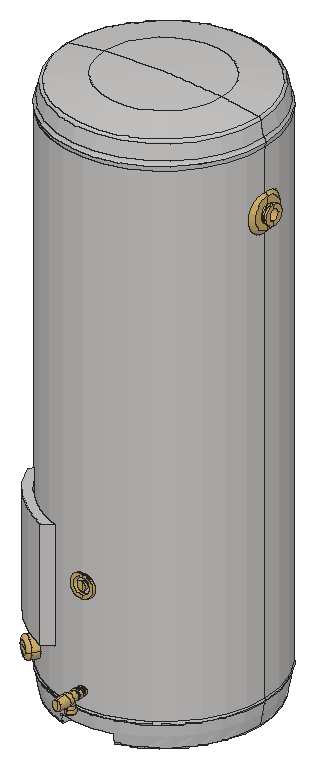
Revit family "HVAC_Water-Heaters_Enertech_CTC_Modul-300-E15", category Specialty Equipment, Revit 2018
Family settings
  Round Connector Dimension = Use Diameter
  Part Type = Normal
  OmniClass Number = 23.75.00.00
  OmniClass Title = Climate Control (HVAC)
  Work Plane-Based = No
  Always vertical = No
  Cut with Voids When Loaded = No
  Shared = No
  Room Calculation Point = No
Parameters (values of type "CTC Modul 300 E15")
  Weight = "49 kg"
  WaterVolumeWaterSuply = "282 liters"
  WaterVolumeHeathingSystem = "N/A"
  WarrantyStartDate [instance] = "n/a"
  WarrantyGuarantorParts = "n/a"
  WarrantyGuarantorLabor = "n/a"
  WarrantyDurationUnit = "Year"
  WarrantyDurationParts = "n/a"
  WarrantyDurationLabor = "n/a"
  WarrantyDescription = "n/a"
  VersionDate = "24/05/2022"  # constant formula
  Version = "1"  # constant formula
  UsageCurrent = 0 A
  Uniclass2015Reference = "Pr_40_70_65"
  Uniclass2015Description = "Preparation catering equipment"
  Uniclass2 = "Pr_40_70_65"
  URL = "https://ctc.se/produkter/varmvattenberedare/ctc-modul"
  UNSPSCCode = "40101825"
  Type Comments = ""
  Touchscreen = "no"
  TagNumber [instance] = "n/a"
  SustainabilityPerformance = "n/a"
  Status = "n/a"
  SpecifiedOutput = "N/A"
  SoundPowerLWA = "15 dB(A)"
  Sound pressureLPA 5m = "N/A"
  Sound pressureLPA 1m = "N/A"
  Sound pressureLPA 10m = "N/A"
  Size = "Ø 585 x 1582 mm"
  Shape = "round"
  SerialNumber [instance] = "7225 xxxx xxxx"
  SCOPWarm = "N/A"
  SCOPModerate = "N/A"
  SCOPCold = "N/A"
  Revision = "n/a"  # constant formula
  ReplacementCost = "n/a"
  RefrigerantType = "N/A"
  RefrigerantQuantity = "N/A"
  ReferenceAirFlowRate = "N/A"
  Reference = "n/a"
  RatedVoltage = 1200 V
  RatedHeatOutputModerate = "N/A"
  RatedCurrent = 21.68 A
  PumpSecondaryMaterial = Brass
  PumpMainMaterial = Stainless Steel
  ProductInformation = "A stainless steel hot water heater, specially developed for high hot water demands, suitable for use together with heat pumps, solar panels or other external heat sources. \nThe series comprises of heaters and a tank, which can be easily connected in series to the capacity of your choice. "
  Product data url = ""
  PowerFactor = 0 W
  PhaseReference = "n/a"
  PhaseAngle = 0.00°
  OutputRangeIimmersionHeater = "2.5 - 7.5 kW / 5 - 15 kW"
  OutputRange = "N/A"
  NumberOfPoles = 3
  NominalWidth = 584.659 mm
  NominalVoltage = 400 V
  NominalHeight = 1593.929 mm
  NominalFrequencyRange = 60 Hz
  NominalDepth = 584.659 mm
  NominalCurrent = 0 A
  Nominal air flow = "N/A"
  Name = "CTC_Modul-300-E15"  # constant formula
  NBSReference = "90-40-40/320"
  NBSDescription = "Air to water heat pumps"
  ModelReference = "n/a"
  ModelNumber = "589800001"
  MinimumCeilingHeight = "1660 mm"
  MaxStartingCurrent = "N/A"
  MaxOperatingPressureThermalStore = "N/A"
  MaxOperatingPressureHotWater = "10 bar"
  Material = "Steel"
  ManufacturerURL = "https://ctc.se/"
  ManufacturerName = "Enertech AB"
  Model = "CTC Modul 300 E15"
  ManufacturerCountry = "Sweden"
  Manufacturer = "Enertech AB"
  InsulationStandardClass = "n/a"
  InstallationDate [instance] = "n/a"
  InPutPower = "N/A"
  IfcExportType = "HEATER"  # constant formula
  IfcExportAs = "IfcElectricalDeviceCommon"  # constant formula
  IP_Code = "IP44"
  HotTapWaterPerformance = "429.9 liters"
  HasProtectiveEarth = yes
  GroupFuse = "13 A / 25 A"
  Grade = "n/a"
  Finish = "n/a"
  Features = "n/a"
  ExpectedLife = "n/a"
  EnergyClass_HotWater_TapProfile = "A/XL"
  EnergyClass_HotWater = "D / XL"
  EnergyClassHeatingWithoutControl = "N/A"
  EnergyClassHeatingWithControl = "N/A"
  ElectricalDeviceNominalPower = 15000 W
  EER A35: W7/W18 = "N/A"
  EER A27: W7/W18 = "N/A"
  EANNumber = "7333077095468"
  DurationUnit = "Year"
  Description = "A stainless steel hot water heater, specially developed for high hot water demands, suitable for use together with heat pumps, solar panels or other external heat sources. \nThe series comprises of heaters and a tank, which can be easily connected in series to the capacity of your choice. "
  Cost = 0
  CoolingCapacity A27: W7/W18 = "N/A"
  Cooling capacity A35: W7/W18 = "N/A"
  Constituents = "n/a"
  ConductorFunction = "n/a"
  Color = "white"
  CodePerformance = "n/a"
  Capacity = "N/A"
  COP = "N/A"
  CO2Equivalent = "N/A"
  BrineSystem_Min_MaxPressure = "N/A"
  Barcode [instance] = "n/a"
  AssetIdentifier [instance] = "n/a"
  Category = "Water heater"
  Brand = "CTC"
  BIMObjectName = "HVAC_Water-Heaters_Enertech_CTC_Modul-300-E15"  # constant formula
  Author = "BIMStone"  # constant formula
  AssetType = "Fixed"
  Artikel nr. = ""
  AirFlow = "N/A"
  Accessories = ""
  AccessibilityPerformance = "n/a"
Reference planes
  plane 1 "Center (Front/Back)": y = 0
  plane 2: z = 0
  plane 3 "Center (Left/Right)": x = 0
  plane 4: z = 1593.929
  plane 5: y = 292.329
  plane 6: y = -292.329
  plane 7: x = -292.329
  plane 8: x = 292.329
Dimensions and locks
  "NominalHeight": plane 4 to level
  equal spacing: plane 5, plane 1 "Center (Front/Back)", plane 6
  "NominalDepth": plane 5 to plane 6
  equal spacing: plane 7, plane 3 "Center (Left/Right)", plane 8
  "NominalWidth": plane 7 to plane 8
  aligned and locked: level to plane 2
Nested families
  nested 1: "Modul-300-E15" at (0, 0, 0), Body <- "PumpMainMaterial", Connections <- "PumpSecondaryMaterial", Detail <- "PumpMainMaterial", type "Modul-300-E15"
    with Detail Stainless Steel, Connections Brass, Body Stainless Steel
Connectors
  electrical at (0, 88.258, 11.929), driven by "NominalVoltage"
    settings: on nested 1, index 1, voltage 400 V, apparent load 0 VA, apparent load phase1 0 VA, apparent load phase2 0 VA, apparent load phase3 0 VA, power factor 1, load classification "Other", number of poles 1, system type 31, power factor state 1, is connector primary yes, connector utility no, sub classification motor no, connector description ""
Definition of nested family "Modul-300-E15"
  Parameters (values of type "Modul-300-E15")
    Detail [instance] = none
    Connections [instance] = none
    Body [instance] = none
  Reference planes
    plane 1 "Center (Front/Back)": y = 0
    plane 2: z = 0
    plane 3 "Center (Left/Right)": x = 0
    plane 4: z = 1593.929
    plane 5: y = 292.329
    plane 6: y = -292.329
    plane 7: x = -292.329
    plane 8: x = 292.329
  Forms (mm)
    Revolve 1, solid, material <- "Body", detail levels medium+fine
      sketch origin (0, 0, 0) x (1, 0, 0) y (0, 0, 1)
        loop
          line (0, 1499.911) -> (-290.645, 1499.911) -> (-290.645, 88.437) -> (0, 88.437) -> (0, 1499.911)
        axis (0, 88.437) -> (0, 1499.911)
      angle from 0 to 360
    Extrusion 2, void
      sketch origin (0, 0, 0) x (1, 0, 0) y (0, 1, 0)
        loop
          line (-65.389, -203.149) -> (-78.498, -292.329) -> (78.498, -292.329) -> (65.389, -203.149) -> (208.301, 292.329) -> (185.67, 292.329) -> (50.916, -173.945)
          arc (50.916, -173.945) -> (0, -212.23) -> (-50.916, -173.945) r 53
          line (-50.916, -173.945) -> (-185.67, 292.329) -> (-208.301, 292.329) -> (-65.389, -203.149)
      from 0 to 40
    Revolve 3, solid, material <- "Detail", detail levels medium+fine
      sketch origin (0, 223.5, 0) x (1, 0, 0) y (0, 0, 1)
        loop
          line (0, 0) -> (0, 22.972)
          arc (0, 22.972) -> (-7.73, 18.865) -> (-14.115, 12.878) r 33.139
          arc (-14.115, 12.878) -> (-16.138, 8.669) -> (-16.018, 4) r 9.947
          line (-16.018, 4) -> (-23.523, 4) -> (-23.523, 0) -> (0, 0)
        axis (0, 22.972) -> (0, 0)
      angle from 0 to 360
    Revolve 4, solid, material <- "Detail", detail levels medium+fine
      sketch origin (193.557, -111.75, 0) x (-0.5, -0.866025, 0) y (0, 0, 1)
        loop
          line (0, 0) -> (0, 22.972)
          arc (0, 22.972) -> (-7.73, 18.865) -> (-14.115, 12.878) r 33.139
          arc (-14.115, 12.878) -> (-16.138, 8.669) -> (-16.018, 4) r 9.947
          line (-16.018, 4) -> (-23.523, 4) -> (-23.523, 0) -> (0, 0)
        axis (0, 22.972) -> (0, 0)
      angle from 0 to 360
    Revolve 5, solid, material <- "Detail", detail levels medium+fine
      sketch origin (-193.557, -111.75, 0) x (0.5, -0.866025, 0) y (0, 0, -1)
        loop
          line (0, 0) -> (-23.523, 0) -> (-23.523, -4) -> (-16.018, -4)
          arc (-16.018, -4) -> (-16.138, -8.669) -> (-14.115, -12.878) r 9.947
          arc (-14.115, -12.878) -> (-7.73, -18.865) -> (0, -22.972) r 33.139
          line (0, -22.972) -> (0, 0)
        axis (0, -22.972) -> (0, 0)
      angle from 0 to 360
    Extrusion 6, solid, material <- "Detail", detail levels medium+fine
      sketch origin (0, 0, 0) x (1, 0, 0) y (0, 1, 0)
        loop
          arc (-295.54, -116.931) -> (-224.902, -223.553) -> (-118.347, -294.292) r 322.198
          line (-118.347, -294.292) -> (-89.488, -278.295)
          arc (-89.488, -278.295) -> (-207.558, -205.855) -> (-279.023, -87.192) r 292.329
          line (-279.023, -87.192) -> (-295.54, -116.931)
      from 210 to 520
    Revolve 7, solid, material <- "Connections", detail levels medium+fine
      sketch origin (0, 0, 0) x (1, 0, 0) y (0, 0, 1)
        loop
          line (-315.295, 1361.3) -> (-315.295, 1350.3) -> (-277.913, 1350.3) -> (-277.913, 1398.06) -> (-298.245, 1377.729) -> (-298.245, 1358.3) -> (-303.295, 1358.3)
          arc (-303.295, 1358.3) -> (-303.588, 1357.593) -> (-304.295, 1357.3) r 1
          line (-304.295, 1357.3) -> (-308.795, 1357.3) -> (-310.595, 1361.3) -> (-315.295, 1361.3)
        loop
          line (315.295, 1361.3) -> (310.595, 1361.3) -> (308.795, 1357.3) -> (304.295, 1357.3)
          arc (304.295, 1357.3) -> (303.588, 1357.593) -> (303.295, 1358.3) r 1
          line (303.295, 1358.3) -> (298.245, 1358.3) -> (298.245, 1377.729) -> (277.913, 1398.06) -> (277.913, 1350.3) -> (315.295, 1350.3) -> (315.295, 1361.3)
        axis (315.295, 1334.156) -> (-315.295, 1334.156)
      angle from 0 to 360
    Revolve 8, solid, material <- "Connections", detail levels medium+fine
      sketch origin (0, 0, 0) x (0, 1, 0) y (0, 0, 1)
        loop
          line (-293.212, 401.561) -> (-283.212, 401.561) -> (-283.212, 413.171) -> (-293.212, 413.435) -> (-293.212, 401.561)
        loop
          line (-283.212, 435.815) -> (-293.212, 433.684) -> (-293.212, 424.969) -> (-283.212, 420.232) -> (-283.212, 435.815)
        axis (-283.212, 401.561) -> (-293.212, 401.561)
      angle from 0 to 360
    Revolve 9, void
      sketch origin (0, 0, 0) x (0, 1, 0) y (0, 0, 1)
        loop
          line (-286.533, 435.107) -> (-293.212, 433.684) -> (-293.212, 401.561) -> (-286.533, 401.561) -> (-286.533, 435.107)
        axis (-286.533, 401.561) -> (-293.212, 401.561)
      angle from 0 to 360
    Revolve 10, solid, material <- "Connections", detail levels medium+fine
      sketch origin (0, 0, 0) x (0, 1, 0) y (0, 0, 1)
        loop
          line (-382, 145.3) -> (-382, 132.761) -> (-279.601, 132.761) -> (-279.601, 145.295) -> (-293.091, 145.295) -> (-293.35, 143.1) -> (-293.35, 141.25)
          arc (-293.35, 141.25) -> (-293.643, 140.543) -> (-294.35, 140.25) r 1
          line (-294.35, 140.25) -> (-301, 140.25) -> (-301, 143.8)
          arc (-301, 143.8) -> (-301.146, 144.154) -> (-301.5, 144.3) r 0.5
          line (-301.5, 144.3) -> (-303, 144.3) -> (-304, 144.8) -> (-305.002, 144.8) -> (-305.002, 145.8)
          arc (-305.002, 145.8) -> (-305.148, 146.154) -> (-305.502, 146.3) r 0.5
          line (-305.502, 146.3) -> (-314, 146.3) -> (-314, 142.3) -> (-318, 142.3) -> (-318, 143.55) -> (-321, 143.55) -> (-321, 145.3) -> (-338.5, 145.3) -> (-341, 148.3) -> (-353, 148.3) -> (-382, 145.3)
        axis (-279.601, 132.761) -> (-382, 132.761)
      angle from 0 to 360
    Revolve 11, solid, material <- "Connections", detail levels medium+fine
      sketch origin (0, 0, 0) x (0, 1, 0) y (0, 0, 1)
        loop
          line (-333, 132.761) -> (-342.646, 132.761) -> (-342.646, 116.154) -> (-343.5, 115.3) -> (-343.5, 106.8) -> (-346.5, 106.8) -> (-346.5, 97.8) -> (-345, 97.8) -> (-345, 96.8) -> (-344.5, 95.8) -> (-344.5, 94.3)
          arc (-344.5, 94.3) -> (-344.354, 93.946) -> (-344, 93.8) r 0.5
          line (-344, 93.8) -> (-333, 93.8) -> (-333, 132.761)
        axis (-333, 93.8) -> (-333, 132.761)
      angle from 0 to 360
    Revolve 12, solid, material <- "Connections", detail levels medium+fine
      sketch origin (0, 0, 156) x (1, 0, 0) y (0, 1, 0)
        loop
          line (-203.39, -204.046) -> (-218.864, -228.328)
          arc (-218.864, -228.328) -> (-220.194, -235.865) -> (-215.804, -242.135) r 10
          line (-215.804, -242.135) -> (-199.084, -252.79) -> (-178.237, -220.075) -> (-203.39, -204.046)
        axis (-178.237, -220.075) -> (-199.084, -252.79)
      angle from 0 to 360
    Revolve 13, solid, material <- "Detail", detail levels medium+fine
      sketch origin (0, 0, 0) x (1, 0, 0) y (0, 0, 1)
        loop
          arc (-270.819, 1569.811) -> (-275.741, 1567.097) -> (-278.422, 1562.157) r 10
          line (-278.422, 1562.157) -> (-286.825, 1523.182)
          arc (-286.825, 1523.182) -> (-288.898, 1517.143) -> (-292.329, 1511.759) r 27.039
          line (-292.329, 1511.759) -> (-290.645, 1499.911) -> (0, 1499.911) -> (0, 1593.929)
          arc (0, 1593.929) -> (-83.96, 1590.32) -> (-167.829, 1584.993) r 4105.287
          arc (-167.829, 1584.993) -> (-219.6, 1579.275) -> (-270.819, 1569.811) r 716.618
        loop
          line (0, 11.929) -> (0, 88.437) -> (-290.645, 88.437) -> (-292.329, 81.456)
          arc (-292.329, 81.456) -> (-290.737, 79.176) -> (-288.25, 77.931) r 5.65
          arc (-288.25, 77.931) -> (-285.009, 45.784) -> (-278.387, 14.16) r 305.049
          arc (-278.387, 14.16) -> (-277.316, 12.551) -> (-275.487, 11.929) r 3
          line (-275.487, 11.929) -> (0, 11.929)
        axis (0, 11.929) -> (0, 1593.929)
      angle from 0 to 360
    Extrusion 14, solid, material <- "Body", detail levels coarse
      sketch origin (0, 0, 0) x (1, 0, 0) y (0, 1, 0)
        loop
          line (-292.329, 292.329) -> (-292.329, -292.329) -> (292.329, -292.329) -> (292.329, 292.329) -> (-292.329, 292.329)
      from 0 to 1593.929
  Cuts and joins
    Revolve 9 cuts Revolve 1
    Extrusion 2 cuts Revolve 13
    joined: Revolve 10, Revolve 11
  Lines and regions (mm)
    symbolic lines, detail levels fine
      curve 1: arc (-12.534, -292.061, 0) -> (0, -292.329, 0) -> (12.534, -292.061, 0) r 292.329
      curve 5: arc (-279.023, -87.192, 0) -> (-207.558, -205.855, 0) -> (-89.488, -278.295, 0) r 292.329
      curve 10: line (0, 290.645, 88.437) -> (0, 0, 88.437)
      curve 17: line (0, 0, 1499.911) -> (0, 290.645, 1499.911)
      curve 21: line (0, 292.329, 1511.759) -> (0, 0, 1511.759)
      curve 22: line (0, 288.25, 77.931) -> (0, 0, 77.931)
      curve 26: line (0, -290.645, 88.437) -> (0, 0, 88.437)
      curve 33: line (0, 0, 1499.911) -> (0, -290.645, 1499.911)
      curve 37: line (0, -292.329, 1511.759) -> (0, 0, 1511.759)
      curve 38: line (0, -288.25, 77.931) -> (0, 0, 77.931)
      curve 39: arc (0, 239.518, 4) -> (0, 239.744, 8.093) -> (0, 238.301, 11.929) r 9.947
      curve 40: line (0, 223.5, 0) -> (0, 247.023, 0)
      curve 41: line (0, 247.023, 0) -> (0, 247.023, 4)
      curve 42: line (0, 247.023, 4) -> (0, 239.518, 4)
      curve 43: arc (0, 207.482, 4) -> (0, 207.256, 8.093) -> (0, 208.699, 11.929) r 9.947
      curve 44: line (0, 223.5, 0) -> (0, 199.977, 0)
      curve 45: line (0, 199.977, 0) -> (0, 199.977, 4)
      curve 46: line (0, 199.977, 4) -> (0, 207.482, 4)
      curve 47: arc (0, -95.732, 4) -> (0, -95.506, 8.093) -> (0, -96.949, 11.929) r 9.947
      curve 48: line (0, -111.75, 0) -> (0, -88.227, 0)
      curve 49: line (0, -88.227, 0) -> (0, -88.227, 4)
      curve 50: line (0, -88.227, 4) -> (0, -95.732, 4)
      curve 51: arc (0, -127.768, 4) -> (0, -127.994, 8.093) -> (0, -126.551, 11.929) r 9.947
      curve 52: line (0, -111.75, 0) -> (0, -135.273, 0)
      curve 53: line (0, -135.273, 0) -> (0, -135.273, 4)
      curve 54: line (0, -135.273, 4) -> (0, -127.768, 4)
      curve 56: line (0, -74.901, 520) -> (0, -277.006, 520)
      curve 61: line (-290.645, 0, 1499.911) -> (0, 0, 1499.911)
      curve 64: line (-292.329, 0, 1511.759) -> (0, 0, 1511.759)
      curve 73: line (0, 0, 88.437) -> (-290.645, 0, 88.437)
      curve 76: line (-288.25, 0, 77.931) -> (0, 0, 77.931)
      curve 89: line (-208.358, 0, 11.929) -> (-178.756, 0, 11.929)
      curve 94: line (290.645, 0, 1499.911) -> (0, 0, 1499.911)
      curve 97: line (292.329, 0, 1511.759) -> (0, 0, 1511.759)
      curve 105: line (0, 0, 88.437) -> (290.645, 0, 88.437)
      curve 108: line (288.25, 0, 77.931) -> (0, 0, 77.931)
      curve 121: line (208.358, 0, 11.929) -> (178.756, 0, 11.929)
      curve 127: line (-209.574, 0, 4) -> (-177.539, 0, 4)
      curve 128: line (-16.018, 0, 4) -> (16.018, 0, 4)
      curve 129: line (177.539, 0, 4) -> (209.574, 0, 4)
      curve 130: line (-14.801, 0, 11.929) -> (14.801, 0, 11.929)
      curve 131: line (0, -127.768, 4) -> (0, -95.732, 4)
      curve 132: line (0, 207.482, 4) -> (0, 239.518, 4)
      curve 143: line (-310.595, 0, 1361.3) -> (-310.595, 0, 1334.156)
      curve 144: line (-298.245, 0, 1358.3) -> (-298.245, 0, 1334.156)
      curve 153: line (-310.595, 0, 1307.012) -> (-310.595, 0, 1334.156)
      curve 154: line (-298.245, 0, 1310.012) -> (-298.245, 0, 1334.156)
      curve 155: line (-290.645, 0, 1282.984) -> (-290.645, 0, 1385.328)
      curve 156: line (-303.295, 0, 1310.012) -> (-303.295, 0, 1358.3)
      curve 157: line (-308.795, 0, 1357.3) -> (-308.795, 0, 1311.012)
      curve 166: line (310.595, 0, 1361.3) -> (310.595, 0, 1334.156)
      curve 167: line (298.245, 0, 1358.3) -> (298.245, 0, 1334.156)
      curve 176: line (310.595, 0, 1307.012) -> (310.595, 0, 1334.156)
      curve 177: line (298.245, 0, 1310.012) -> (298.245, 0, 1334.156)
      curve 178: line (290.645, 0, 1282.984) -> (290.645, 0, 1385.328)
      curve 179: line (303.295, 0, 1310.012) -> (303.295, 0, 1358.3)
      curve 180: line (308.795, 0, 1357.3) -> (308.795, 0, 1311.012)
      curve 181: line (-87.372, 0, 517.7) -> (-278.489, 0, 517.7)
      curve 182: line (-278.489, 0, 517.7) -> (-290.645, 0, 498.939)
      curve 183: line (-87.372, 0, 517.7) -> (-87.372, 0, 192.7)
      curve 184: line (-119.333, 0, 491.29) -> (-295.602, 0, 491.29)
      curve 185: line (-119.333, 0, 216.2) -> (-119.333, 0, 491.29)
      curve 186: line (-119.333, 0, 216.2) -> (-290.645, 0, 216.2)
      curve 188: line (-87.372, 0, 192.7) -> (-282.747, 0, 192.7)
      curve 189: line (-282.747, 0, 192.7) -> (-282.747, 0, 216.2)
      curve 192: arc (0, 0, 369.438) -> (-32.123, 0, 401.561) -> (0, 0, 433.684) r 32.123
      curve 193: arc (0, 0, 371.561) -> (-30, 0, 401.561) -> (0, 0, 431.561) r 30
      curve 194: arc (0, 0, 413.435) -> (-11.874, 0, 401.561) -> (0, 0, 389.687) r 11.874
      curve 195: arc (0, 0, 389.687) -> (11.874, 0, 401.561) -> (0, 0, 413.435) r 11.874
      curve 196: arc (0, 0, 431.561) -> (30, 0, 401.561) -> (0, 0, 371.561) r 30
      curve 197: arc (0, 0, 148.3) -> (-15.539, 0, 132.761) -> (0, 0, 117.221) r 15.539
      curve 198: arc (0, 0, 145.3) -> (-12.539, 0, 132.761) -> (0, 0, 120.221) r 12.539
      curve 199: arc (0, 0, 120.221) -> (12.539, 0, 132.761) -> (0, 0, 145.3) r 12.539
      curve 200: arc (0, 0, 117.221) -> (15.539, 0, 132.761) -> (0, 0, 148.3) r 15.539
      curve 201: line (-13.5, 0, 97.8) -> (-13.5, 0, 106.8)
      curve 202: line (-13.5, 0, 106.8) -> (-10.5, 0, 106.8)
      curve 203: line (-10.5, 0, 106.8) -> (-10.5, 0, 115.3)
      curve 204: line (-10.5, 0, 115.3) -> (-9.646, 0, 116.154)
      curve 205: line (-9.646, 0, 116.154) -> (-9.646, 0, 120.578)
      curve 206: line (0, 0, 93.8) -> (-11, 0, 93.8)
      curve 207: arc (-11, 0, 93.8) -> (-11.354, 0, 93.946) -> (-11.5, 0, 94.3) r 0.5
      curve 208: line (-11.5, 0, 94.3) -> (-11.5, 0, 95.8)
      curve 209: line (-11.5, 0, 95.8) -> (-12, 0, 96.8)
      curve 210: line (-12, 0, 96.8) -> (-12, 0, 97.8)
      curve 211: line (-12, 0, 97.8) -> (-13.5, 0, 97.8)
      curve 212: line (-12, 0, 97.8) -> (0, 0, 97.8)
      curve 213: line (-10.5, 0, 106.8) -> (0, 0, 106.8)
      curve 214: line (-10.5, 0, 115.3) -> (0, 0, 115.3)
      curve 215: line (-9.646, 0, 116.154) -> (0, 0, 116.154)
      curve 216: line (13.5, 0, 97.8) -> (13.5, 0, 106.8)
      curve 217: line (13.5, 0, 106.8) -> (10.5, 0, 106.8)
      curve 218: line (10.5, 0, 106.8) -> (10.5, 0, 115.3)
      curve 219: line (10.5, 0, 115.3) -> (9.646, 0, 116.154)
      curve 220: line (9.646, 0, 116.154) -> (9.646, 0, 120.578)
      curve 221: line (0, 0, 93.8) -> (11, 0, 93.8)
      curve 222: arc (11, 0, 93.8) -> (11.354, 0, 93.946) -> (11.5, 0, 94.3) r 0.5
      curve 223: line (11.5, 0, 94.3) -> (11.5, 0, 95.8)
      curve 224: line (11.5, 0, 95.8) -> (12, 0, 96.8)
      curve 225: line (12, 0, 96.8) -> (12, 0, 97.8)
      curve 226: line (12, 0, 97.8) -> (13.5, 0, 97.8)
      curve 227: line (12, 0, 97.8) -> (0, 0, 97.8)
      curve 228: line (10.5, 0, 106.8) -> (0, 0, 106.8)
      curve 229: line (10.5, 0, 115.3) -> (0, 0, 115.3)
      curve 230: line (9.646, 0, 116.154) -> (0, 0, 116.154)
      curve 231: spline (-178.237, 0, 185.827) -> (-174.954, 0, 185.571) -> (-171.727, 0, 184.81) -> (-168.611, 0, 183.556) -> (-165.66, 0, 181.831) -> (-162.924, 0, 179.663) -> (-160.451, 0, 177.091) -> (-158.281, 0, 174.157) -> (-156.453, 0, 170.913) -> (-154.998, 0, 167.414) -> (-153.94, 0, 163.72) -> (-153.299, 0, 159.893) -> (-153.083, 0, 156)
      curve 232: spline (-153.083, 0, 156) -> (-153.299, 0, 152.107) -> (-153.94, 0, 148.28) -> (-154.998, 0, 144.586) -> (-156.453, 0, 141.087) -> (-158.281, 0, 137.843) -> (-160.451, 0, 134.909) -> (-162.924, 0, 132.337) -> (-165.66, 0, 130.169) -> (-168.611, 0, 128.444) -> (-171.727, 0, 127.19) -> (-174.954, 0, 126.429) -> (-178.237, 0, 126.173)
      curve 233: spline (-223.39, 0, 156) -> (-222.533, 0, 163.72) -> (-220.02, 0, 170.913) -> (-216.023, 0, 177.091) -> (-210.814, 0, 181.831) -> (-204.747, 0, 184.81) -> (-198.237, 0, 185.827) -> (-191.727, 0, 184.81) -> (-185.66, 0, 181.831) -> (-180.451, 0, 177.091) -> (-176.453, 0, 170.913) -> (-173.94, 0, 163.72) -> (-173.083, 0, 156)
      curve 234: spline (-173.083, 0, 156) -> (-173.94, 0, 148.28) -> (-176.453, 0, 141.087) -> (-180.451, 0, 134.909) -> (-185.66, 0, 130.169) -> (-191.727, 0, 127.19) -> (-198.237, 0, 126.173) -> (-204.747, 0, 127.19) -> (-210.814, 0, 130.169) -> (-216.023, 0, 134.909) -> (-220.02, 0, 141.087) -> (-222.533, 0, 148.28) -> (-223.39, 0, 156)
      curve 235: line (-198.237, 0, 185.827) -> (-178.237, 0, 185.827)
      curve 236: line (-198.237, 0, 126.173) -> (-178.237, 0, 126.173)
      curve 237: arc (0, 0, 369.438) -> (32.123, 0, 401.561) -> (0, 0, 433.684) r 32.123
      curve 238: spline (0, -204.046, 156) -> (0, -204.184, 159.893) -> (0, -204.593, 163.72) -> (0, -205.267, 167.414) -> (0, -206.194, 170.913) -> (0, -207.359, 174.157) -> (0, -208.741, 177.091) -> (0, -210.318, 179.663) -> (0, -212.061, 181.831) -> (0, -213.941, 183.556) -> (0, -215.927, 184.81) -> (0, -217.983, 185.571) -> (0, -220.075, 185.827)
      curve 239: spline (0, -220.075, 126.173) -> (0, -217.983, 126.429) -> (0, -215.927, 127.19) -> (0, -213.941, 128.444) -> (0, -212.061, 130.169) -> (0, -210.318, 132.337) -> (0, -208.741, 134.909) -> (0, -207.359, 137.843) -> (0, -206.194, 141.087) -> (0, -205.267, 144.586) -> (0, -204.593, 148.28) -> (0, -204.184, 152.107) -> (0, -204.046, 156)
      curve 240: spline (0, -229.046, 156) -> (0, -229.593, 163.72) -> (0, -231.194, 170.913) -> (0, -233.741, 177.091) -> (0, -237.061, 181.831) -> (0, -240.927, 184.81) -> (0, -245.075, 185.827) -> (0, -249.224, 184.81) -> (0, -253.09, 181.831) -> (0, -256.409, 177.091) -> (0, -258.957, 170.913) -> (0, -260.558, 163.72) -> (0, -261.104, 156)
      curve 241: spline (0, -261.104, 156) -> (0, -260.558, 148.28) -> (0, -258.957, 141.087) -> (0, -256.409, 134.909) -> (0, -253.09, 130.169) -> (0, -249.224, 127.19) -> (0, -245.075, 126.173) -> (0, -240.927, 127.19) -> (0, -237.061, 130.169) -> (0, -233.741, 134.909) -> (0, -231.194, 141.087) -> (0, -229.593, 148.28) -> (0, -229.046, 156)
      curve 242: line (0, -245.075, 185.827) -> (0, -220.075, 185.827)
      curve 243: line (0, -220.075, 126.173) -> (0, -245.075, 126.173)
      curve 267: line (0, -301, 140.25) -> (0, -301, 132.761)
      curve 268: line (0, -314, 142.3) -> (0, -314, 132.761)
      curve 269: line (0, -318, 142.3) -> (0, -318, 132.761)
      curve 270: line (0, -321, 143.55) -> (0, -321, 132.761)
      curve 271: line (0, -338.5, 145.3) -> (0, -338.5, 132.761)
      curve 273: line (0, -338.5, 120.221) -> (0, -341, 117.221)
      curve 274: line (0, -341, 117.221) -> (0, -342.646, 117.221)
      curve 295: line (0, -301, 125.271) -> (0, -301, 132.761)
      curve 296: line (0, -314, 123.221) -> (0, -314, 132.761)
      curve 297: line (0, -318, 123.221) -> (0, -318, 132.761)
      curve 298: line (0, -321, 121.971) -> (0, -321, 132.761)
      curve 299: line (0, -338.5, 120.221) -> (0, -338.5, 132.761)
      curve 311: line (0, -345, 97.8) -> (0, -333, 97.8)
      curve 312: line (0, -343.5, 106.8) -> (0, -333, 106.8)
      curve 313: line (0, -343.5, 115.3) -> (0, -333, 115.3)
      curve 314: line (0, -342.646, 116.154) -> (0, -333, 116.154)
      curve 326: line (0, -321, 97.8) -> (0, -333, 97.8)
      curve 327: line (0, -322.5, 106.8) -> (0, -333, 106.8)
      curve 328: line (0, -322.5, 115.3) -> (0, -333, 115.3)
      curve 329: line (0, -323.354, 116.154) -> (0, -333, 116.154)
      curve 331: line (0, -323.354, 120.221) -> (0, -338.5, 120.221)
      curve 332: line (0, -290.645, 120.227) -> (0, -290.645, 145.295)
      curve 333: arc (0, 0, 1290.584) -> (0, 43.572, 1334.156) -> (0, 0, 1377.729) r 43.572
      curve 334: arc (0, 0, 1361.3) -> (0, 27.144, 1334.156) -> (0, 0, 1307.012) r 27.144
      curve 335: arc (0, 0, 1350.3) -> (0, 16.144, 1334.156) -> (0, 0, 1318.012) r 16.144
      curve 336: arc (0, 0, 1290.584) -> (0, -43.572, 1334.156) -> (0, 0, 1377.729) r 43.572
      curve 337: arc (0, 0, 1361.3) -> (0, -27.144, 1334.156) -> (0, 0, 1307.012) r 27.144
      curve 338: arc (0, 0, 1350.3) -> (0, -16.144, 1334.156) -> (0, 0, 1318.012) r 16.144
      curve 339: line (0, -74.901, 192.7) -> (0, -282.747, 192.7)
      curve 340: line (0, -74.901, 192.7) -> (0, -74.901, 520)
      curve 341: line (0, -119.333, 216.2) -> (0, -119.333, 491.278)
      curve 344: line (0, -282.747, 216.2) -> (0, -282.747, 192.7)
      curve 345: line (0, -119.333, 216.2) -> (0, -290.645, 216.2)
      curve 347: line (0, -295.546, 491.278) -> (0, -119.333, 491.278)
      curve 348: line (0, -290.645, 498.87) -> (0, -277.006, 520)
      curve 372: line (0, -293.35, 141.25) -> (0, -293.35, 124.271)
      curve 373: line (0, -305.002, 144.8) -> (0, -305.002, 120.721)
      curve 374: line (-15.539, -341, 0) -> (0, -341, 0)
      curve 375: line (-10.789, -321, 0) -> (0, -321, 0)
      curve 376: line (-9.539, -318, 0) -> (0, -318, 0)
      curve 377: line (-9.539, -314, 0) -> (0, -314, 0)
      curve 378: line (-12.039, -305.002, 0) -> (0, -305.002, 0)
      curve 379: line (-7.489, -301, 0) -> (0, -301, 0)
      curve 380: line (-8.489, -293.35, 0) -> (0, -293.35, 0)
      curve 404: line (15.539, -341, 0) -> (0, -341, 0)
      curve 405: line (10.789, -321, 0) -> (0, -321, 0)
      curve 406: line (9.539, -318, 0) -> (0, -318, 0)
      curve 407: line (9.539, -314, 0) -> (0, -314, 0)
      curve 408: line (12.039, -305.002, 0) -> (0, -305.002, 0)
      curve 409: line (7.489, -301, 0) -> (0, -301, 0)
      curve 410: line (8.489, -293.35, 0) -> (0, -293.35, 0)
    symbolic lines, detail levels medium+fine
      curve 2: line (-279.023, -87.192, 0) -> (-295.54, -116.931, 0)
      curve 3: arc (-295.54, -116.931, 0) -> (-224.902, -223.553, 0) -> (-118.347, -294.292, 0) r 322.198
      curve 4: line (-118.347, -294.292, 0) -> (-89.488, -278.295, 0)
      curve 6: arc (-89.488, -278.295, 0) -> (-51.474, -287.762, 0) -> (-12.534, -292.061, 0) r 292.329
      curve 7: arc (0, 278.387, 14.16) -> (0, 285.009, 45.784) -> (0, 288.25, 77.931) r 305.049
      curve 8: arc (0, 288.25, 77.931) -> (0, 290.737, 79.176) -> (0, 292.329, 81.456) r 5.65
      curve 9: line (0, 292.329, 81.456) -> (0, 290.645, 88.437)
      curve 11: line (0, 0, 11.929) -> (0, 275.487, 11.929)
      curve 12: arc (0, 275.487, 11.929) -> (0, 277.316, 12.551) -> (0, 278.387, 14.16) r 3
      curve 13: line (0, 290.645, 88.437) -> (0, 290.645, 1499.911)
      curve 14: arc (0, 278.422, 1562.157) -> (0, 275.741, 1567.097) -> (0, 270.819, 1569.811) r 10
      curve 15: arc (0, 270.819, 1569.811) -> (0, 219.6, 1579.275) -> (0, 167.829, 1584.993) r 716.618
      curve 16: arc (0, 167.829, 1584.993) -> (0, 83.972, 1589.631) -> (0, 0, 1591.178) r 2280.339
      curve 18: line (0, 290.645, 1499.911) -> (0, 292.329, 1511.759)
      curve 19: arc (0, 292.329, 1511.759) -> (0, 288.898, 1517.143) -> (0, 286.825, 1523.182) r 27.039
      curve 20: line (0, 286.825, 1523.182) -> (0, 278.422, 1562.157)
      curve 23: arc (0, -278.387, 14.16) -> (0, -285.009, 45.784) -> (0, -288.25, 77.931) r 305.049
      curve 24: arc (0, -288.25, 77.931) -> (0, -290.737, 79.176) -> (0, -292.329, 81.456) r 5.65
      curve 25: line (0, -292.329, 81.456) -> (0, -290.645, 88.437)
      curve 27: line (0, 0, 11.929) -> (0, -275.487, 11.929)
      curve 28: arc (0, -275.487, 11.929) -> (0, -277.316, 12.551) -> (0, -278.387, 14.16) r 3
      curve 29: line (0, -290.645, 88.437) -> (0, -290.645, 120.227)
      curve 30: arc (0, -278.422, 1562.157) -> (0, -275.741, 1567.097) -> (0, -270.819, 1569.811) r 10
      curve 31: arc (0, -270.819, 1569.811) -> (0, -219.6, 1579.275) -> (0, -167.829, 1584.993) r 716.618
      curve 32: arc (0, -167.829, 1584.993) -> (0, -83.972, 1589.631) -> (0, 0, 1591.178) r 2280.339
      curve 34: line (0, -290.645, 1499.911) -> (0, -292.329, 1511.759)
      curve 35: arc (0, -292.329, 1511.759) -> (0, -288.898, 1517.143) -> (0, -286.825, 1523.182) r 27.039
      curve 36: line (0, -286.825, 1523.182) -> (0, -278.422, 1562.157)
      curve 55: line (0, -290.645, 145.295) -> (0, -290.645, 216.2)
      curve 57: line (0, -290.645, 498.87) -> (0, -290.645, 1499.911)
      curve 58: line (-278.422, 0, 1562.157) -> (-286.825, 0, 1523.182)
      curve 59: arc (-286.825, 0, 1523.182) -> (-288.898, 0, 1517.143) -> (-292.329, 0, 1511.759) r 27.039
      curve 60: line (-292.329, 0, 1511.759) -> (-290.645, 0, 1499.911)
      curve 62: arc (-167.829, 0, 1584.993) -> (-219.6, 0, 1579.275) -> (-270.819, 0, 1569.811) r 716.618
      curve 63: arc (-270.819, 0, 1569.811) -> (-275.741, 0, 1567.097) -> (-278.422, 0, 1562.157) r 10
      curve 65: line (-290.645, 0, 1499.911) -> (-290.645, 0, 1385.328)
      curve 66: arc (-288.25, 0, 77.931) -> (-285.009, 0, 45.784) -> (-278.387, 0, 14.16) r 305.049
      curve 67: arc (-278.387, 0, 14.16) -> (-277.316, 0, 12.551) -> (-275.487, 0, 11.929) r 3
      curve 68: line (-275.487, 0, 11.929) -> (-208.358, 0, 11.929)
      curve 69: line (-123.984, 0, 11.929) -> (-123.984, 0, 40)
      curve 70: line (-123.984, 0, 40) -> (-101.187, 0, 40)
      curve 71: line (-101.187, 0, 40) -> (-101.187, 0, 11.929)
      curve 72: line (-101.187, 0, 11.929) -> (-14.801, 0, 11.929)
      curve 74: line (-290.645, 0, 88.437) -> (-292.329, 0, 81.456)
      curve 75: arc (-292.329, 0, 81.456) -> (-290.737, 0, 79.176) -> (-288.25, 0, 77.931) r 5.65
      curve 77: arc (-14.801, 0, 11.929) -> (-16.244, 0, 8.093) -> (-16.018, 0, 4) r 9.947
      curve 78: line (-16.018, 0, 4) -> (-23.523, 0, 4)
      curve 79: line (-23.523, 0, 4) -> (-23.523, 0, 0)
      curve 80: line (-23.523, 0, 0) -> (0, 0, 0)
      curve 81: arc (-208.358, 0, 11.929) -> (-209.801, 0, 8.093) -> (-209.574, 0, 4) r 9.947
      curve 82: line (-209.574, 0, 4) -> (-217.08, 0, 4)
      curve 83: line (-217.08, 0, 4) -> (-217.08, 0, 0)
      curve 84: line (-217.08, 0, 0) -> (-193.557, 0, 0)
      curve 85: arc (-178.756, 0, 11.929) -> (-177.313, 0, 8.093) -> (-177.539, 0, 4) r 9.947
      curve 86: line (-177.539, 0, 4) -> (-170.034, 0, 4)
      curve 87: line (-170.034, 0, 4) -> (-170.034, 0, 0)
      curve 88: line (-170.034, 0, 0) -> (-193.557, 0, 0)
      curve 90: line (-178.756, 0, 11.929) -> (-123.984, 0, 11.929)
      curve 91: line (278.422, 0, 1562.157) -> (286.825, 0, 1523.182)
      curve 92: arc (286.825, 0, 1523.182) -> (288.898, 0, 1517.143) -> (292.329, 0, 1511.759) r 27.039
      curve 93: line (292.329, 0, 1511.759) -> (290.645, 0, 1499.911)
      curve 95: arc (167.829, 0, 1584.993) -> (219.6, 0, 1579.275) -> (270.819, 0, 1569.811) r 716.618
      curve 96: arc (270.819, 0, 1569.811) -> (275.741, 0, 1567.097) -> (278.422, 0, 1562.157) r 10
      curve 98: arc (288.25, 0, 77.931) -> (285.009, 0, 45.784) -> (278.387, 0, 14.16) r 305.049
      curve 99: arc (278.387, 0, 14.16) -> (277.316, 0, 12.551) -> (275.487, 0, 11.929) r 3
      curve 100: line (275.487, 0, 11.929) -> (208.358, 0, 11.929)
      curve 101: line (123.984, 0, 11.929) -> (123.984, 0, 40)
      curve 102: line (123.984, 0, 40) -> (101.187, 0, 40)
      curve 103: line (101.187, 0, 40) -> (101.187, 0, 11.929)
      curve 104: line (101.187, 0, 11.929) -> (14.801, 0, 11.929)
      curve 106: line (290.645, 0, 88.437) -> (292.329, 0, 81.456)
      curve 107: arc (292.329, 0, 81.456) -> (290.737, 0, 79.176) -> (288.25, 0, 77.931) r 5.65
      curve 109: arc (14.801, 0, 11.929) -> (16.244, 0, 8.093) -> (16.018, 0, 4) r 9.947
      curve 110: line (16.018, 0, 4) -> (23.523, 0, 4)
      curve 111: line (23.523, 0, 4) -> (23.523, 0, 0)
      curve 112: line (23.523, 0, 0) -> (0, 0, 0)
      curve 113: arc (208.358, 0, 11.929) -> (209.801, 0, 8.093) -> (209.574, 0, 4) r 9.947
      curve 114: line (209.574, 0, 4) -> (217.08, 0, 4)
      curve 115: line (217.08, 0, 4) -> (217.08, 0, 0)
      curve 116: line (217.08, 0, 0) -> (193.557, 0, 0)
      curve 117: arc (178.756, 0, 11.929) -> (177.313, 0, 8.093) -> (177.539, 0, 4) r 9.947
      curve 118: line (177.539, 0, 4) -> (170.034, 0, 4)
      curve 119: line (170.034, 0, 4) -> (170.034, 0, 0)
      curve 120: line (170.034, 0, 0) -> (193.557, 0, 0)
      curve 122: line (178.756, 0, 11.929) -> (123.984, 0, 11.929)
      curve 123: line (-290.645, 0, 216.2) -> (-290.645, 0, 88.437)
      curve 124: line (-290.645, 0, 1282.984) -> (-290.645, 0, 498.939)
      curve 125: line (290.645, 0, 1499.911) -> (290.645, 0, 1385.328)
      curve 126: line (290.645, 0, 1282.984) -> (290.645, 0, 88.437)
      curve 133: arc (0, 0, 1593.929) -> (-83.96, 0, 1590.32) -> (-167.829, 0, 1584.993) r 4105.287
      curve 134: arc (0, 0, 1593.929) -> (83.96, 0, 1590.32) -> (167.829, 0, 1584.993) r 4105.287
      curve 135: line (-315.295, 0, 1361.3) -> (-315.295, 0, 1334.156)
      curve 136: line (-290.645, 0, 1385.328) -> (-298.245, 0, 1377.729)
      curve 137: line (-298.245, 0, 1377.729) -> (-298.245, 0, 1358.3)
      curve 138: line (-298.245, 0, 1358.3) -> (-303.295, 0, 1358.3)
      curve 139: arc (-303.295, 0, 1358.3) -> (-303.588, 0, 1357.593) -> (-304.295, 0, 1357.3) r 1
      curve 140: line (-304.295, 0, 1357.3) -> (-308.795, 0, 1357.3)
      curve 141: line (-308.795, 0, 1357.3) -> (-310.595, 0, 1361.3)
      curve 142: line (-310.595, 0, 1361.3) -> (-315.295, 0, 1361.3)
      curve 145: line (-315.295, 0, 1307.012) -> (-315.295, 0, 1334.156)
      curve 146: line (-290.645, 0, 1282.984) -> (-298.245, 0, 1290.584)
      curve 147: line (-298.245, 0, 1290.584) -> (-298.245, 0, 1310.012)
      curve 148: line (-298.245, 0, 1310.012) -> (-303.295, 0, 1310.012)
      curve 149: arc (-303.295, 0, 1310.012) -> (-303.588, 0, 1310.72) -> (-304.295, 0, 1311.012) r 1
      curve 150: line (-304.295, 0, 1311.012) -> (-308.795, 0, 1311.012)
      curve 151: line (-308.795, 0, 1311.012) -> (-310.595, 0, 1307.012)
      curve 152: line (-310.595, 0, 1307.012) -> (-315.295, 0, 1307.012)
      curve 158: line (315.295, 0, 1361.3) -> (315.295, 0, 1334.156)
      curve 159: line (290.645, 0, 1385.328) -> (298.245, 0, 1377.729)
      curve 160: line (298.245, 0, 1377.729) -> (298.245, 0, 1358.3)
      curve 161: line (298.245, 0, 1358.3) -> (303.295, 0, 1358.3)
      curve 162: arc (303.295, 0, 1358.3) -> (303.588, 0, 1357.593) -> (304.295, 0, 1357.3) r 1
      curve 163: line (304.295, 0, 1357.3) -> (308.795, 0, 1357.3)
      curve 164: line (308.795, 0, 1357.3) -> (310.595, 0, 1361.3)
      curve 165: line (310.595, 0, 1361.3) -> (315.295, 0, 1361.3)
      curve 168: line (315.295, 0, 1307.012) -> (315.295, 0, 1334.156)
      curve 169: line (290.645, 0, 1282.984) -> (298.245, 0, 1290.584)
      curve 170: line (298.245, 0, 1290.584) -> (298.245, 0, 1310.012)
      curve 171: line (298.245, 0, 1310.012) -> (303.295, 0, 1310.012)
      curve 172: arc (303.295, 0, 1310.012) -> (303.588, 0, 1310.72) -> (304.295, 0, 1311.012) r 1
      curve 173: line (304.295, 0, 1311.012) -> (308.795, 0, 1311.012)
      curve 174: line (308.795, 0, 1311.012) -> (310.595, 0, 1307.012)
      curve 175: line (310.595, 0, 1307.012) -> (315.295, 0, 1307.012)
      curve 187: line (-295.602, 0, 491.29) -> (-295.602, 0, 216.2)
      curve 190: line (-290.645, 0, 216.2) -> (-295.602, 0, 216.2)
      curve 191: line (-290.645, 0, 498.939) -> (-295.602, 0, 491.29)
      curve 244: line (0, -321, 145.3) -> (0, -338.5, 145.3)
      curve 245: line (0, -338.5, 145.3) -> (0, -341, 148.3)
      curve 246: line (0, -341, 148.3) -> (0, -353, 148.3)
      curve 247: line (0, -353, 148.3) -> (0, -382, 145.3)
      curve 248: line (0, -382, 145.3) -> (0, -382, 132.761)
      curve 249: line (0, -290.645, 145.295) -> (0, -293.091, 145.295)
      curve 250: line (0, -293.091, 145.295) -> (0, -293.35, 143.1)
      curve 251: line (0, -293.35, 143.1) -> (0, -293.35, 141.25)
      curve 252: arc (0, -293.35, 141.25) -> (0, -293.643, 140.543) -> (0, -294.35, 140.25) r 1
      curve 253: line (0, -294.35, 140.25) -> (0, -301, 140.25)
      curve 254: line (0, -301, 140.25) -> (0, -301, 143.8)
      curve 255: arc (0, -301, 143.8) -> (0, -301.146, 144.154) -> (0, -301.5, 144.3) r 0.5
      curve 256: line (0, -301.5, 144.3) -> (0, -303, 144.3)
      curve 257: line (0, -303, 144.3) -> (0, -304, 144.8)
      curve 258: line (0, -304, 144.8) -> (0, -305.002, 144.8)
      curve 259: line (0, -305.002, 144.8) -> (0, -305.002, 145.8)
      curve 260: arc (0, -305.002, 145.8) -> (0, -305.148, 146.154) -> (0, -305.502, 146.3) r 0.5
      curve 261: line (0, -305.502, 146.3) -> (0, -314, 146.3)
      curve 262: line (0, -314, 146.3) -> (0, -314, 142.3)
      curve 263: line (0, -314, 142.3) -> (0, -318, 142.3)
      curve 264: line (0, -318, 142.3) -> (0, -318, 143.55)
      curve 265: line (0, -318, 143.55) -> (0, -321, 143.55)
      curve 266: line (0, -321, 143.55) -> (0, -321, 145.3)
      curve 272: line (0, -321, 120.221) -> (0, -323.354, 120.221)
      curve 275: line (0, -353, 117.221) -> (0, -382, 120.221)
      curve 276: line (0, -382, 120.221) -> (0, -382, 132.761)
      curve 277: line (0, -290.645, 120.227) -> (0, -293.091, 120.227)
      curve 278: line (0, -293.091, 120.227) -> (0, -293.35, 122.421)
      curve 279: line (0, -293.35, 122.421) -> (0, -293.35, 124.271)
      curve 280: arc (0, -293.35, 124.271) -> (0, -293.643, 124.979) -> (0, -294.35, 125.271) r 1
      curve 281: line (0, -294.35, 125.271) -> (0, -301, 125.271)
      curve 282: line (0, -301, 125.271) -> (0, -301, 121.721)
      curve 283: arc (0, -301, 121.721) -> (0, -301.146, 121.368) -> (0, -301.5, 121.221) r 0.5
      curve 284: line (0, -301.5, 121.221) -> (0, -303, 121.221)
      curve 285: line (0, -303, 121.221) -> (0, -304, 120.721)
      curve 286: line (0, -304, 120.721) -> (0, -305.002, 120.721)
      curve 287: line (0, -305.002, 120.721) -> (0, -305.002, 119.721)
      curve 288: arc (0, -305.002, 119.721) -> (0, -305.148, 119.368) -> (0, -305.502, 119.221) r 0.5
      curve 289: line (0, -305.502, 119.221) -> (0, -314, 119.221)
      curve 290: line (0, -314, 119.221) -> (0, -314, 123.221)
      curve 291: line (0, -314, 123.221) -> (0, -318, 123.221)
      curve 292: line (0, -318, 123.221) -> (0, -318, 121.971)
      curve 293: line (0, -318, 121.971) -> (0, -321, 121.971)
      curve 294: line (0, -321, 121.971) -> (0, -321, 120.221)
      curve 300: line (0, -343.5, 115.3) -> (0, -343.5, 106.8)
      curve 301: line (0, -343.5, 106.8) -> (0, -346.5, 106.8)
      curve 302: line (0, -346.5, 106.8) -> (0, -346.5, 97.8)
      curve 303: line (0, -346.5, 97.8) -> (0, -345, 97.8)
      curve 304: line (0, -345, 97.8) -> (0, -345, 96.8)
      curve 305: line (0, -345, 96.8) -> (0, -344.5, 95.8)
      curve 306: line (0, -344.5, 95.8) -> (0, -344.5, 94.3)
      curve 307: arc (0, -344.5, 94.3) -> (0, -344.354, 93.946) -> (0, -344, 93.8) r 0.5
      curve 308: line (0, -344, 93.8) -> (0, -333, 93.8)
      curve 309: line (0, -342.646, 117.221) -> (0, -342.646, 116.154)
      curve 310: line (0, -342.646, 116.154) -> (0, -343.5, 115.3)
      curve 315: line (0, -322.5, 115.3) -> (0, -322.5, 106.8)
      curve 316: line (0, -322.5, 106.8) -> (0, -319.5, 106.8)
      curve 317: line (0, -319.5, 106.8) -> (0, -319.5, 97.8)
      curve 318: line (0, -319.5, 97.8) -> (0, -321, 97.8)
      curve 319: line (0, -321, 97.8) -> (0, -321, 96.8)
      curve 320: line (0, -321, 96.8) -> (0, -321.5, 95.8)
      curve 321: line (0, -321.5, 95.8) -> (0, -321.5, 94.3)
      curve 322: arc (0, -321.5, 94.3) -> (0, -321.646, 93.946) -> (0, -322, 93.8) r 0.5
      curve 323: line (0, -322, 93.8) -> (0, -333, 93.8)
      curve 324: line (0, -323.354, 120.221) -> (0, -323.354, 116.154)
      curve 325: line (0, -323.354, 116.154) -> (0, -322.5, 115.3)
      curve 330: line (0, -342.646, 117.221) -> (0, -353, 117.221)
      curve 342: line (0, -295.546, 491.278) -> (0, -290.645, 498.87)
      curve 343: line (0, -295.546, 491.278) -> (0, -295.546, 216.2)
      curve 346: line (0, -290.645, 216.2) -> (0, -295.546, 216.2)
      curve 349: line (-12.539, -382, 0) -> (-15.539, -353, 0)
      curve 350: line (-15.539, -353, 0) -> (-15.539, -341, 0)
      curve 351: line (-15.539, -341, 0) -> (-12.539, -338.5, 0)
      curve 352: line (-12.539, -338.5, 0) -> (-12.539, -321, 0)
      curve 353: line (-12.539, -321, 0) -> (-10.789, -321, 0)
      curve 354: line (-10.789, -321, 0) -> (-10.789, -318, 0)
      curve 355: line (-10.789, -318, 0) -> (-9.539, -318, 0)
      curve 356: line (-9.539, -318, 0) -> (-9.539, -314, 0)
      curve 357: line (-9.539, -314, 0) -> (-13.539, -314, 0)
      curve 358: line (-13.539, -314, 0) -> (-13.539, -305.502, 0)
      curve 359: arc (-13.539, -305.502, 0) -> (-13.393, -305.148, 0) -> (-13.039, -305.002, 0) r 0.5
      curve 360: line (-13.039, -305.002, 0) -> (-12.039, -305.002, 0)
      curve 361: line (-12.039, -305.002, 0) -> (-12.039, -304, 0)
      curve 362: line (-12.039, -304, 0) -> (-11.539, -303, 0)
      curve 363: line (-11.539, -303, 0) -> (-11.539, -301.5, 0)
      curve 364: arc (-11.539, -301.5, 0) -> (-11.393, -301.146, 0) -> (-11.039, -301, 0) r 0.5
      curve 365: line (-11.039, -301, 0) -> (-7.489, -301, 0)
      curve 366: line (-7.489, -301, 0) -> (-7.489, -294.35, 0)
      curve 367: arc (-7.489, -294.35, 0) -> (-7.782, -293.643, 0) -> (-8.489, -293.35, 0) r 1
      curve 368: line (-8.489, -293.35, 0) -> (-10.339, -293.35, 0)
      curve 369: line (-10.339, -293.35, 0) -> (-12.534, -293.091, 0)
      curve 370: line (-12.534, -293.091, 0) -> (-12.534, -292.061, 0)
      curve 371: line (0, -382, 0) -> (-12.539, -382, 0)
      curve 381: line (12.539, -382, 0) -> (15.539, -353, 0)
      curve 382: line (15.539, -353, 0) -> (15.539, -341, 0)
      curve 383: line (15.539, -341, 0) -> (12.539, -338.5, 0)
      curve 384: line (12.539, -338.5, 0) -> (12.539, -321, 0)
      curve 385: line (12.539, -321, 0) -> (10.789, -321, 0)
      curve 386: line (10.789, -321, 0) -> (10.789, -318, 0)
      curve 387: line (10.789, -318, 0) -> (9.539, -318, 0)
      curve 388: line (9.539, -318, 0) -> (9.539, -314, 0)
      curve 389: line (9.539, -314, 0) -> (13.539, -314, 0)
      curve 390: line (13.539, -314, 0) -> (13.539, -305.502, 0)
      curve 391: arc (13.539, -305.502, 0) -> (13.393, -305.148, 0) -> (13.039, -305.002, 0) r 0.5
      curve 392: line (13.039, -305.002, 0) -> (12.039, -305.002, 0)
      curve 393: line (12.039, -305.002, 0) -> (12.039, -304, 0)
      curve 394: line (12.039, -304, 0) -> (11.539, -303, 0)
      curve 395: line (11.539, -303, 0) -> (11.539, -301.5, 0)
      curve 396: arc (11.539, -301.5, 0) -> (11.393, -301.146, 0) -> (11.039, -301, 0) r 0.5
      curve 397: line (11.039, -301, 0) -> (7.489, -301, 0)
      curve 398: line (7.489, -301, 0) -> (7.489, -294.35, 0)
      curve 399: arc (7.489, -294.35, 0) -> (7.782, -293.643, 0) -> (8.489, -293.35, 0) r 1
      curve 400: line (8.489, -293.35, 0) -> (10.339, -293.35, 0)
      curve 401: line (10.339, -293.35, 0) -> (12.534, -293.091, 0)
      curve 402: line (12.534, -293.091, 0) -> (12.534, -292.061, 0)
      curve 403: line (0, -382, 0) -> (12.539, -382, 0)
      curve 411: arc (12.534, -292.061, 0) -> (168.068, 239.185, 0) -> (-279.023, -87.192, 0) r 292.329
  Dimensions and locks
    aligned and locked: level to plane 2
